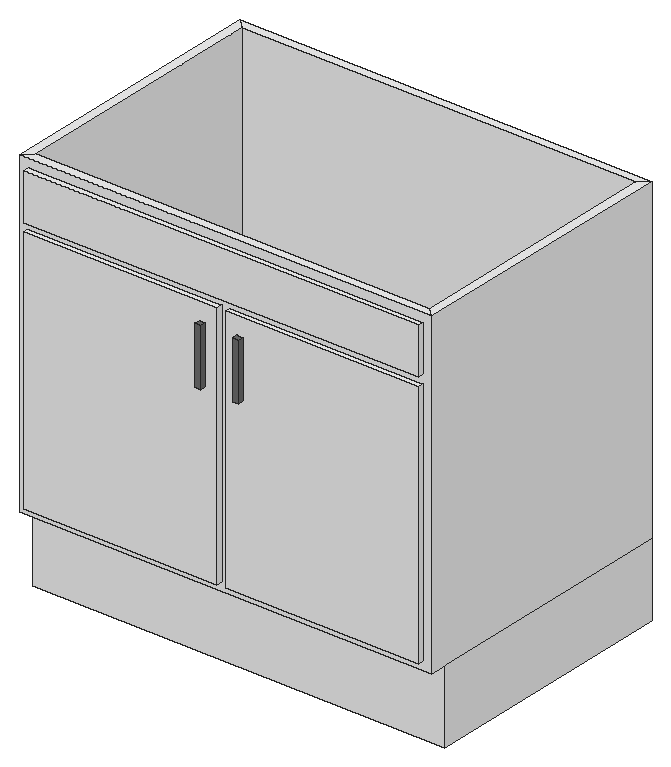
Revit family
Parameters (values of type "900mm")
  Cabinet Material = none
  Depth = 600 mm
  Door/Drawer Material = none
  Handle Material = Cabinets - Handles
  Height = 860 mm
  Plinth Depth = 35 mm
  Plinth Height = 160 mm
  Width = 900 mm
Types (4, lengths in mm): name | Width
  (no name) | 900
  1000mm | 1000
  900mm | 900
  1200mm | 1200
Reference planes
  plane 1 "Back": y = 0
  plane 2: z = 0
  plane 3 "Center": x = 18.738
  plane 4 "Left": x = -431.262
  plane 5 "Right": x = 468.738
  plane 6 "Front": y = -600
  plane 7 "Top": z = 860
  plane 8: y = -565
  plane 9: z = 160
  plane 10: z = 840.95
  plane 11: z = 179.05
  plane 12: x = -412.212
  plane 13: x = 449.688
  plane 14: z = 739.35
  plane 15: z = 720.3
  plane 16: z = 682.2
  plane 17: z = 580.6
  plane 18: x = -16.187
  plane 19: x = -28.887
  plane 20: x = 9.213
  plane 21: x = 28.263
  plane 22: x = 53.663
  plane 23: x = 66.363
  plane 24: z = 449.675
Forms (mm)
  Extrusion 1, solid, material <- "Cabinet Material"
    sketch origin (0, 0, 0) x (1, 0, 0) y (0, 1, 0)
      loop
        line (-431.262, 0) -> (-431.262, -565) -> (468.738, -565) -> (468.738, 0) -> (-431.262, 0)
    from 0 to 160
  Sweep 2, solid, material <- "Cabinet Material"
    path origin (0, 0, 0) x (1, 0, 0) y (0, 1, 0)
      loop
        line (468.738, 0) -> (-431.262, 0) -> (-431.262, -600) -> (468.738, -600) -> (468.738, 0)
    profile origin (0, -300, 0) x (1, 0, 0) y (0, 0, 1)
      loop
        line (468.738, 160) -> (468.738, 860) -> (449.688, 860) -> (449.688, 160) -> (468.738, 160)
  Extrusion 3, solid, material <- "Cabinet Material"
    sketch origin (0, 0, 0) x (1, 0, 0) y (0, 1, 0)
      loop
        line (-412.212, -19.05) -> (-412.212, -580.95) -> (449.688, -580.95) -> (449.688, -19.05) -> (-412.212, -19.05)
    from 179.05 to 160
  Extrusion 4, solid, material <- "Door/Drawer Material"
    sketch origin (0, -600, 0) x (1, 0, 0) y (0, 0, 1)
      loop
        line (-412.212, 720.3) -> (-412.212, 179.05) -> (9.213, 179.05) -> (9.213, 720.3) -> (-412.212, 720.3)
      loop
        line (28.263, 720.3) -> (28.263, 179.05) -> (449.688, 179.05) -> (449.688, 720.3) -> (28.263, 720.3)
      loop
        line (-412.212, 840.95) -> (-412.212, 739.35) -> (449.688, 739.35) -> (449.688, 840.95) -> (-412.212, 840.95)
    from 0 to 12.7
  Extrusion 5, solid, material "Cabinets - Handles" <- "Handle Material"
    sketch origin (0, -600, 0) x (1, 0, 0) y (0, 0, 1)
      loop
        line (-28.887, 682.2) -> (-28.887, 557.47) -> (-16.187, 557.47) -> (-16.187, 682.2) -> (-28.887, 682.2)
      loop
        line (53.663, 682.2) -> (53.663, 557.47) -> (66.363, 557.47) -> (66.363, 682.2) -> (53.663, 682.2)
    from 12.7 to 25.4
Lines and regions (mm)
  symbolic lines, style "Plan Rep - Below"
    curve 1: line (468.738, -600, 0) -> (-431.262, -600, 0)
    curve 2: line (468.738, 0, 0) -> (468.738, -600, 0)
    curve 3: line (-431.262, 0, 0) -> (468.738, 0, 0)
    curve 4: line (-431.262, -600, 0) -> (-431.262, 0, 0)
  model lines
    curve 5: line (449.688, -600, 739.35) -> (-412.212, -600, 739.35)
    curve 6: line (449.688, -600, 840.95) -> (449.688, -600, 739.35)
    curve 7: line (-412.212, -600, 840.95) -> (449.688, -600, 840.95)
    curve 8: line (-412.212, -600, 739.35) -> (-412.212, -600, 840.95)
    curve 9: line (449.688, -600, 179.05) -> (28.263, -600, 179.05)
    curve 10: line (449.688, -600, 720.3) -> (449.688, -600, 179.05)
    curve 11: line (-412.212, -600, 720.3) -> (9.213, -600, 720.3)
    curve 12: line (-412.212, -600, 179.05) -> (-412.212, -600, 720.3)
    curve 13: line (-28.887, -600, 682.2) -> (-16.187, -600, 682.2)
    curve 14: line (-28.887, -600, 580.6) -> (-28.887, -600, 682.2)
    curve 15: line (-16.187, -600, 580.6) -> (-28.887, -600, 580.6)
    curve 16: line (-16.187, -600, 682.2) -> (-16.187, -600, 580.6)
    curve 17: line (28.263, -600, 179.05) -> (28.263, -600, 720.3)
    curve 18: line (9.213, -600, 179.05) -> (9.213, -600, 720.3)
    curve 19: line (66.363, -600, 682.2) -> (53.663, -600, 682.2)
    curve 20: line (66.363, -600, 580.6) -> (66.363, -600, 682.2)
    curve 21: line (53.663, -600, 580.6) -> (66.363, -600, 580.6)
    curve 22: line (53.663, -600, 682.2) -> (53.663, -600, 580.6)
    curve 23: line (28.263, -600, 720.3) -> (449.688, -600, 720.3)
    curve 24: line (9.213, -600, 179.05) -> (-412.212, -600, 179.05)
  symbolic lines, style "Elevation Swing"
    curve 25: line (9.213, 0, 720.3) -> (-412.212, 0, 449.675)
    curve 26: line (-412.212, 0, 449.675) -> (9.213, 0, 179.05)
    curve 27: line (28.263, 0, 179.05) -> (449.688, 0, 449.675)
    curve 28: line (449.688, 0, 449.675) -> (28.263, 0, 720.3)
Dimensions and locks
  "Depth": plane 6 "Front" to plane 1 "Back"
  "Width": plane 4 "Left" to plane 5 "Right"
  equal spacing: plane 4 "Left", plane 3 "Center", plane 5 "Right"
  "Height": level to plane 7 "Top"
  "Plinth Height": plane 2 to plane 9
  "Plinth Depth": plane 6 "Front" to plane 8
  locked: plane 4 "Left" to plane 12 at 19.05
  locked: plane 13 to plane 5 "Right" at 19.05
  locked: plane 7 "Top" to plane 10 at 19.05
  locked: plane 11 to plane 9 at 19.05
  plane 10 to plane 14 to plane 15 = 101.6 mm locked, 19.05 mm locked
  plane 15 to plane 16 to plane 17 = 38.1 mm locked, 101.6 mm locked
  plane 21 to plane 3 "Center" to plane 20 = 9.525 mm locked, 9.525 mm locked
  plane 20 to plane 18 to plane 19 = 25.4 mm locked, 12.7 mm locked
  plane 21 to plane 22 to plane 23 = 25.4 mm locked, 12.7 mm locked
  equal spacing: plane 15, plane 24, plane 11
  aligned and locked: plane 1 "Back" to Extrusion 1 sketch curve
  aligned and locked: Extrusion 1 sketch curve to plane 5 "Right"
  aligned and locked: Extrusion 1 sketch curve to plane 8
  aligned and locked: plane 4 "Left" to Extrusion 1 sketch curve
  aligned and locked: Extrusion 1 to level
  aligned and locked: Sweep 2 sketch curve to plane 6 "Front"
  aligned and locked: plane 1 "Back" to Sweep 2 sketch curve
  aligned and locked: Sweep 2 sketch curve to plane 5 "Right"  (x2)
  aligned and locked: plane 4 "Left" to Sweep 2 sketch curve
  aligned and locked: plane 7 "Top" to Sweep 2 sketch curve
  aligned and locked: plane 9 to Sweep 2 sketch curve
  aligned and locked: Sweep 2 to Extrusion 3 sketch curve  (x2)
  aligned and locked: Extrusion 3 sketch curve to Sweep 2  (x2)
  aligned and locked: Extrusion 3 to plane 11
  aligned and locked: Extrusion 3 to plane 9
  aligned and locked: plane 9 to Extrusion 1
Automatic sketch dimensions
  profile plane to Sweep 2 sketch curve = 19.05 mm
  curve 1 to plane 4 "Left" = 0 mm
  curve 3 to plane 1 "Back" = 0 mm
  curve 3 to plane 5 "Right" = 0 mm
  curve 1 to plane 6 "Front" = 0 mm
  Extrusion 4 sketch curve to plane 11 = 0 mm  (x2)
  Extrusion 4 sketch curve to plane 12 = 0 mm  (x2)
  Extrusion 4 sketch curve to plane 15 = 0 mm  (x2)
  Extrusion 4 sketch curve to plane 20 = 0 mm
  Extrusion 4 sketch curve to plane 21 = 0 mm
  Extrusion 4 sketch curve to plane 10 = 0 mm
  Extrusion 4 sketch curve to plane 13 = 0 mm  (x2)
  Extrusion 4 sketch curve to plane 14 = 0 mm
  Extrusion 5 sketch curve to plane 19 = 0 mm
  Extrusion 5 sketch curve to plane 18 = 0 mm
  Extrusion 5 sketch curve to plane 16 = 0 mm  (x2)
  Extrusion 5 sketch curve to plane 22 = 0 mm
  Extrusion 5 sketch curve to plane 23 = 0 mm
  plane 17 to Extrusion 5 sketch curve = 23.13 mm  (x2)
  curve 5 to plane 13 = 0 mm
  curve 28 to plane 13 = 0 mm
  curve 23 to plane 13 = 0 mm
  curve 20 to plane 17 = 0 mm
  curve 20 to plane 23 = 0 mm
  curve 21 to plane 22 = 0 mm
  curve 9 to plane 11 = 0 mm
  curve 9 to plane 21 = 0 mm
  curve 27 to plane 11 = 0 mm
  curve 27 to plane 21 = 0 mm
  curve 28 to plane 15 = 0 mm
  curve 28 to plane 21 = 0 mm
  curve 11 to plane 15 = 0 mm
  curve 11 to plane 20 = 0 mm
  curve 26 to plane 11 = 0 mm
  curve 26 to plane 20 = 0 mm
  curve 25 to plane 15 = 0 mm
  curve 25 to plane 20 = 0 mm
  curve 13 to plane 16 = 0 mm
  curve 13 to plane 18 = 0 mm
  curve 15 to plane 17 = 0 mm
  curve 15 to plane 19 = 0 mm
  curve 12 to plane 11 = 0 mm
  curve 12 to plane 12 = 0 mm
  curve 8 to plane 10 = 0 mm
  curve 8 to plane 12 = 0 mm
  curve 25 to plane 12 = 0 mm
  curve 6 to plane 14 = 0 mm
  curve 23 to plane 15 = 0 mm
  curve 19 to plane 16 = 0 mm
  curve 25 to plane 24 = 0 mm
  curve 27 to plane 24 = 0 mm
